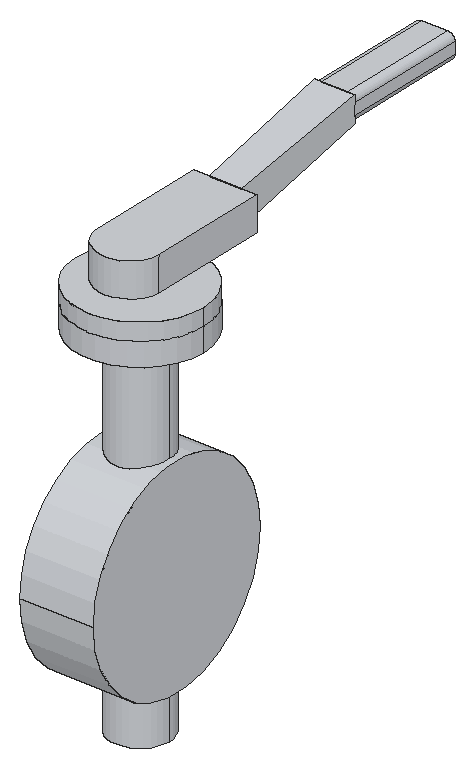
Revit family "HS497-68_disk-nerez_s pákou DN100-RFA_2019", category Pipe Accessories, Revit 2019
Family settings
  Round Connector Dimension = Use Diameter
  Part Type = Valve - Breaks Into
  Work Plane-Based = No
  Always vertical = Yes
  Cut with Voids When Loaded = No
  Shared = No
Parameters (values of type "HS 497-68_DN100_PN16_s pákou")
  magiProductId = "28172f0b3f4b47b28323ac71cf8749"
  magiProductFamilyId = "53cea81e6f374d17b8841d9c72ad77"
  magiPartTypeId = 305
  isMeasuringValve [instance] = no
  ang2D [instance] = 0.00°
  X11 = 61.456 mm
  X1 = 25.456 mm
  W2D = 1000 mm
  VersionID = "2.0/2017.9.26.1/ZETKAMA_497_001"
  Use Minimum Symbol Size [instance] = yes
  URL = "http://www.hydronic.cz"
  Type Comments = "mezipřírubová; nerezový disk; PN16; -10~+110°C (krátkodobě +120°C)"
  SW30 = no
  SW3 = no
  SW21 = no
  SW20 = yes
  SW2 = yes
  SW1 = no
  R = 50 mm
  QmdConnectorList = "301;D;302;D"
  Productdata [instance] = ""
  NC = 50 mm
  Manufacturer = "Hydronic Systems Prague s.r.o."
  MM20 = 25.456 mm
  MC Product Code = "121 100 (nerezový disk, s pákou; DN100; PN16, kvs512)"
  M41 = 66 mm
  M4 = 44 mm
  LHL = 260 mm
  LHH3 = 3 mm
  LHH1 = 57 mm
  LH1 = 86.667 mm
  L4R__ve = -L4R  # -12.8 mm
  L4R = 12.8 mm
  L42__ve = -L42  # -96 mm
  L42 = 96 mm
  L41__ve = -L41  # -19.2 mm
  L41 = 19.2 mm
  L2D_Min = 3048 mm
  L2D = 216 mm
  L2 = 26 mm
  L1 = 41.6 mm
  L = 52 mm
  H = 30 mm
  G22 = 11.25 mm
  G2 = 22.5 mm
  G1 = 90 mm
  G = 90 mm
  F = 11 mm
  E44 = 31.25 mm
  E42 = 62.5 mm
  E4 = 125 mm
  E23 = 6 mm
  E22 = 24 mm
  E21 = 12 mm
  Description = "Mezipřírubová uzavírací klapka s pákou; nerezový disk, DN100; PN16; kvs512"
  DR2 = 50 mm
  DR = 147 mm
  DD1 = 15.625 mm
  DD = 12.5 mm
  D = 100 mm
  CAT0 = yes
  B2__ve = -B2  # -56 mm
  B2 = 56 mm
  A2 = 16.5 mm
  A1 = 98.5 mm
Types (43, lengths in mm): name | magiProductId | X11 | X1 | Type Comments | SW30 | SW3 | SW20 | SW2 | SW1 | R | NC | Manufacturer | MM20 | MC Product Code | M41 | M4 | LHL | LHH3 | LHH1 | LH1 | L4R__ve | L4R | L42__ve | L42 | L41__ve | L41 | L2 | L1 | L | H | G | F | E44 | E42 | E4 | E23 | E22 | E21 | Description | DR2 | DR | DD1 | DD | D | B2__ve | B2 | A2 | A1
  HS 497-68_DN100_PN16_volné vřeteno | "65d1b245f4f142c78569c0602d5754" | 61.456 | 25.456 | "mezipřírubová; nerezový disk; PN16; -10~+110°C (krátkodobě +120°C)" | no | no | no | no | yes | 50 | 50 | "Hydronic Systems Prague s.r.o." | 25.456 | "124 100 (nerezový disk, s volným vřetenem; DN100; PN16, kvs512)" | 66 | 44 | 220 | 2.45 | 46.55 | 73.333 | -12.8 | 12.8 | -96 | 96 | -19.2 | 19.2 | 26 | 41.6 | 52 | 30 | 90 | 11 | 31.25 | 62.5 | 125 | 4.9 | 19.6 | 9.8 | "Mezipřírubová uzavírací klapka s volným vřetenem; nerezový disk, DN100; PN16; kvs512" | 50 | 147 | 15.625 | 12.5 | 100 | -56 | 56 | 16.5 | 98.5
  HS 497-68_DN100_PN16_převodové kolo | "11e91b807e674d428c8e796fcdcfe2" | 61.456 | 25.456 | "mezipřírubová; nerezový disk; PN16; -10~+110°C (krátkodobě +120°C)" | yes | yes | no | no | no | 50 | 50 | "Hydronic Systems Prague s.r.o." | 25.456 | "126 100 (nerezový disk, s převodovým kolem; DN100; PN16, kvs512)" | 65.25 | 43.5 | 220 | 2.45 | 46.55 | 73.333 | -12.8 | 12.8 | -96 | 96 | -19.2 | 19.2 | 26 | 41.6 | 52 | 30 | 90 | 11 | 31.25 | 62.5 | 125 | 4.9 | 19.6 | 9.8 | "Mezipřírubová uzavírací klapka s převodovým kolem; nerezový disk, DN100; PN16; kvs512" | 50 | 147 | 15.625 | 12.5 | 100 | -56 | 56 | 16.5 | 98.5
  HS 497-68_DN100_PN16_s pákou | "28172f0b3f4b47b28323ac71cf8749" | 61.456 | 25.456 | "mezipřírubová; nerezový disk; PN16; -10~+110°C (krátkodobě +120°C)" | no | no | yes | yes | no | 50 | 50 | "Hydronic Systems Prague s.r.o." | 25.456 | "121 100 (nerezový disk, s pákou; DN100; PN16, kvs512)" | 66 | 44 | 260 | 3 | 57 | 86.667 | -12.8 | 12.8 | -96 | 96 | -19.2 | 19.2 | 26 | 41.6 | 52 | 30 | 90 | 11 | 31.25 | 62.5 | 125 | 6 | 24 | 12 | "Mezipřírubová uzavírací klapka s pákou; nerezový disk, DN100; PN16; kvs512" | 50 | 147 | 15.625 | 12.5 | 100 | -56 | 56 | 16.5 | 98.5
  HS 497-68_DN125_PN16_volné vřeteno | "0d813d910fc14f628bb3c2efbd185c" | 61.456 | 25.456 | "mezipřírubová; nerezový disk; PN16; -10~+110°C (krátkodobě +120°C)" | no | no | no | no | yes | 62.5 | 50 | "Hydronic Systems Prague s.r.o." | 25.456 | "124 125 (nerezový disk, s volným vřetenem; DN125; PN16, kvs872)" | 66 | 44 | 220 | 2.45 | 46.55 | 73.333 | -12.8 | 12.8 | -96 | 96 | -19.2 | 19.2 | 28 | 44.8 | 56 | 33 | 90 | 14 | 31.25 | 62.5 | 125 | 4.9 | 19.6 | 9.8 | "Mezipřírubová uzavírací klapka s volným vřetenem; nerezový disk, DN125; PN16; kvs872" | 62.5 | 180 | 15.625 | 12.5 | 125 | -64 | 64 | 18 | 99.5
  HS 497-68_DN125_PN16_převodové kolo | "c56b7c13f372467684996fb1e0e229" | 61.456 | 25.456 | "mezipřírubová; nerezový disk; PN16; -10~+110°C (krátkodobě +120°C)" | yes | yes | no | no | no | 62.5 | 50 | "Hydronic Systems Prague s.r.o." | 25.456 | "126125 (nerezový disk, s převodovým kolem; DN125; PN16, kvs872)" | 65.25 | 43.5 | 220 | 2.45 | 46.55 | 73.333 | -13.5 | 13.5 | -101.25 | 101.25 | -20.25 | 20.25 | 28 | 44.8 | 56 | 33 | 90 | 14 | 40 | 80 | 160 | 4.9 | 19.6 | 9.8 | "Mezipřírubová uzavírací klapka s převodovým kolem; nerezový disk, DN125; PN16; kvs872" | 62.5 | 180 | 20 | 16 | 125 | -64 | 64 | 18 | 99.5
  HS 497-68_DN125_PN16_s pákou | "105993c79a91492399feef7931321a" | 61.456 | 25.456 | "mezipřírubová; nerezový disk; PN16; -10~+110°C (krátkodobě +120°C)" | no | no | yes | yes | no | 62.5 | 50 | "Hydronic Systems Prague s.r.o." | 25.456 | "121 125 (nerezový disk, s pákou; DN125; PN16, kvs872)" | 66 | 44 | 315 | 3.75 | 71.25 | 105 | -12.8 | 12.8 | -96 | 96 | -19.2 | 19.2 | 28 | 44.8 | 56 | 33 | 90 | 14 | 31.25 | 62.5 | 125 | 7.5 | 30 | 15 | "Mezipřírubová uzavírací klapka s pákou; nerezový disk, DN125; PN16; kvs872" | 62.5 | 180 | 15.625 | 12.5 | 125 | -64 | 64 | 18 | 99.5
  HS 497-68_DN150_PN16_volné vřeteno | "50c80cb8ab434f55ab7796e5ac1331" | 61.456 | 25.456 | "mezipřírubová; nerezový disk; PN16; -10~+110°C (krátkodobě +120°C)" | no | no | no | no | yes | 75 | 50 | "Hydronic Systems Prague s.r.o." | 25.456 | "124 150 (nerezový disk, s volným vřetenem; DN150; PN16, kvs1347)" | 66 | 44 | 220 | 2.45 | 46.55 | 73.333 | -12.8 | 12.8 | -96 | 96 | -19.2 | 19.2 | 28 | 44.8 | 56 | 33 | 90 | 14 | 31.25 | 62.5 | 125 | 4.9 | 19.6 | 9.8 | "Mezipřírubová uzavírací klapka s volným vřetenem; nerezový disk, DN150; PN16; kvs1347" | 75 | 206 | 15.625 | 12.5 | 150 | -58 | 58 | 19.3 | 98.7
  HS 497-68_DN150_PN16_převodové kolo | "d94a1a0cf83b476eb10011b327f709" | 61.456 | 25.456 | "mezipřírubová; nerezový disk; PN16; -10~+110°C (krátkodobě +120°C)" | yes | yes | no | no | no | 75 | 50 | "Hydronic Systems Prague s.r.o." | 25.456 | "126 150 (nerezový disk, s převodovým kolem; DN150; PN16, kvs1347)" | 65.25 | 43.5 | 220 | 2.45 | 46.55 | 73.333 | -13.5 | 13.5 | -101.25 | 101.25 | -20.25 | 20.25 | 28 | 44.8 | 56 | 33 | 90 | 14 | 40 | 80 | 160 | 4.9 | 19.6 | 9.8 | "Mezipřírubová uzavírací klapka s převodovým kolem; nerezový disk, DN150; PN16; kvs1347" | 75 | 206 | 20 | 16 | 150 | -58 | 58 | 19.3 | 98.7
  HS 497-68_DN150_PN16_s pákou | "4d2835523fe84828bc50ff0a5a0dfb" | 61.456 | 25.456 | "mezipřírubová; nerezový disk; PN16; -10~+110°C (krátkodobě +120°C)" | no | no | yes | yes | no | 75 | 50 | "Hydronic Systems Prague s.r.o." | 25.456 | "121 150 (nerezový disk, s pákou; DN150; PN16, kvs1347)" | 66 | 44 | 315 | 3.75 | 71.25 | 105 | -12.8 | 12.8 | -96 | 96 | -19.2 | 19.2 | 28 | 44.8 | 56 | 33 | 90 | 14 | 31.25 | 62.5 | 125 | 7.5 | 30 | 15 | "Mezipřírubová uzavírací klapka s pákou; nerezový disk, DN150; PN16; kvs1347" | 75 | 206 | 15.625 | 12.5 | 150 | -58 | 58 | 19.3 | 98.7
  HS 497-68_DN200_PN16_volné vřeteno | "5b29029eaeba47139ee1055a4b9201" | 61.456 | 25.456 | "mezipřírubová; nerezový disk; PN16; -10~+110°C (krátkodobě +120°C)" | no | no | no | no | yes | 100 | 50 | "Hydronic Systems Prague s.r.o." | 25.456 | "124 200 (nerezový disk, s volným vřetenem; DN200; PN16, kvs2675)" | 66 | 44 | 220 | 2.45 | 46.55 | 73.333 | -12.8 | 12.8 | -96 | 96 | -19.2 | 19.2 | 30 | 48 | 60 | 33 | 90 | 17 | 31.25 | 62.5 | 125 | 4.9 | 19.6 | 9.8 | "Mezipřírubová uzavírací klapka s volným vřetenem; nerezový disk, DN200; PN16; kvs2675" | 100 | 257 | 15.625 | 12.5 | 200 | -70 | 70 | 22.5 | 102.5
  HS 497-68_DN200_PN16_převodové kolo | "b2793cc1fcc44cf2a35062cd67c04f" | 61.456 | 25.456 | "mezipřírubová; nerezový disk; PN16; -10~+110°C (krátkodobě +120°C)" | yes | yes | no | no | no | 100 | 57 | "Hydronic Systems Prague s.r.o." | 25.456 | "126 200 (nerezový disk, s převodovým kolem; DN200; PN16, kvs2675)" | 78.75 | 52.5 | 220 | 2.45 | 46.55 | 73.333 | -15.2 | 15.2 | -114 | 114 | -22.8 | 22.8 | 30 | 48 | 60 | 33 | 90 | 17 | 50 | 100 | 200 | 4.9 | 19.6 | 9.8 | "Mezipřírubová uzavírací klapka s převodovým kolem; nerezový disk, DN200; PN16; kvs2675" | 100 | 257 | 25 | 20 | 200 | -70 | 70 | 22.5 | 102.5
  HS 497-68_DN200_PN16_s pákou | "f88d96c7af224537a51e72d7d8fffe" | 61.456 | 25.456 | "mezipřírubová; nerezový disk; PN16; -10~+110°C (krátkodobě +120°C)" | no | no | yes | yes | no | 100 | 50 | "Hydronic Systems Prague s.r.o." | 25.456 | "121 200 (nerezový disk, s pákou; DN200; PN16, kvs2675)" | 66 | 44 | 315 | 3.75 | 71.25 | 105 | -12.8 | 12.8 | -96 | 96 | -19.2 | 19.2 | 30 | 48 | 60 | 33 | 90 | 17 | 31.25 | 62.5 | 125 | 7.5 | 30 | 15 | "Mezipřírubová uzavírací klapka s pákou; nerezový disk, DN200; PN16; kvs2675" | 100 | 257 | 15.625 | 12.5 | 200 | -70 | 70 | 22.5 | 102.5
  HS 497-68_DN250_PN16_volné vřeteno | "b662e8305ca2402b9c510e66e6aa55" | 88.77 | 36.77 | "mezipřírubová; nerezový disk; PN16; -10~+110°C (krátkodobě +120°C)" | no | no | no | no | yes | 125 | 50 | "Hydronic Systems Prague s.r.o." | 36.77 | "124 250 (nerezový disk, s volným vřetenem; DN250; PN16, kvs4555)" | 66 | 44 | 220 | 2.45 | 46.55 | 73.333 | -12.8 | 12.8 | -96 | 96 | -19.2 | 19.2 | 34 | 54.4 | 68 | 23 | 130 | 22 | 31.25 | 62.5 | 125 | 4.9 | 19.6 | 9.8 | "Mezipřírubová uzavírací klapka s volným vřetenem; nerezový disk, DN250; PN16; kvs4555" | 125 | 324 | 15.625 | 12.5 | 250 | -85 | 85 | 28.25 | 129.25
  HS 497-68_DN250_PN16_převodové kolo | "5ee9016806664ddfaa2632711f295c" | 88.77 | 36.77 | "mezipřírubová; nerezový disk; PN16; -10~+110°C (krátkodobě +120°C)" | yes | yes | no | no | no | 125 | 70 | "Hydronic Systems Prague s.r.o." | 36.77 | "126 250 (nerezový disk, s převodovým kolem; DN250; PN16, kvs4555)" | 91.5 | 61 | 220 | 2.45 | 46.55 | 73.333 | -22.2 | 22.2 | -166.5 | 166.5 | -33.3 | 33.3 | 34 | 54.4 | 68 | 23 | 130 | 22 | 62.5 | 125 | 250 | 4.9 | 19.6 | 9.8 | "Mezipřírubová uzavírací klapka s převodovým kolem; nerezový disk, DN250; PN16; kvs4555" | 125 | 324 | 31.25 | 25 | 250 | -85 | 85 | 28.25 | 129.25
  HS 497-68_DN300_PN16_volné vřeteno | "e1886f51ff004380a649519258edf2" | 88.77 | 36.77 | "mezipřírubová; nerezový disk; PN16; -10~+110°C (krátkodobě +120°C)" | no | no | no | no | yes | 150 | 50 | "Hydronic Systems Prague s.r.o." | 36.77 | "124 300 (nerezový disk, s volným vřetenem; DN300; PN16, kvs7037)" | 66 | 44 | 220 | 2.45 | 46.55 | 73.333 | -12.8 | 12.8 | -96 | 96 | -19.2 | 19.2 | 39 | 62.4 | 78 | 23 | 130 | 22 | 31.25 | 62.5 | 125 | 4.9 | 19.6 | 9.8 | "Mezipřírubová uzavírací klapka s volným vřetenem; nerezový disk, DN300; PN16; kvs7037" | 150 | 376 | 15.625 | 12.5 | 300 | -90 | 90 | 30.8 | 127.2
  HS 497-68_DN300_PN16_převodové kolo | "6860f094f77d42088fbebc3c97f755" | 88.77 | 36.77 | "mezipřírubová; nerezový disk; PN16; -10~+110°C (krátkodobě +120°C)" | yes | yes | no | no | no | 150 | 70 | "Hydronic Systems Prague s.r.o." | 36.77 | "126 300 (nerezový disk, s převodovým kolem; DN300; PN16, kvs7037)" | 91.5 | 61 | 220 | 2.45 | 46.55 | 73.333 | -22.2 | 22.2 | -166.5 | 166.5 | -33.3 | 33.3 | 39 | 62.4 | 78 | 23 | 130 | 22 | 62.5 | 125 | 250 | 4.9 | 19.6 | 9.8 | "Mezipřírubová uzavírací klapka s převodovým kolem; nerezový disk, DN300; PN16; kvs7037" | 150 | 376 | 31.25 | 25 | 300 | -90 | 90 | 30.8 | 127.2
  HS 497-68_DN032_PN16_volné vřeteno | "8c5f65de52aa4067a77564107e31b2" | 61.456 | 25.456 | "mezipřírubová; nerezový disk; PN16; -10~+110°C (krátkodobě +120°C)" | no | no | no | no | yes | 16 | 50 | "Hydronic Systems Prague s.r.o." | 25.456 | "124 032 (nerezový disk, s volným vřetenem; DN32; PN16, kvs78)" | 66 | 44 | 220 | 2.45 | 46.55 | 73.333 | -12.8 | 12.8 | -96 | 96 | -19.2 | 19.2 | 16.5 | 26.4 | 33 | 30 | 90 | 11 | 31.25 | 62.5 | 125 | 4.9 | 19.6 | 9.8 | "Mezipřírubová uzavírací klapka s volným vřetenem; nerezový disk, DN32; PN16; kvs78" | 16 | 68 | 15.625 | 12.5 | 32 | -44.2 | 44.2 | 10.25 | 76.25
  HS 497-68_DN032_PN16_převodové kolo | "60aaeffa8b3a4e809ef000e4660060" | 61.456 | 25.456 | "mezipřírubová; nerezový disk; PN16; -10~+110°C (krátkodobě +120°C)" | yes | yes | no | no | no | 16 | 50 | "Hydronic Systems Prague s.r.o." | 25.456 | "126 032 (nerezový disk, s převodovým kolem; DN32; PN16, kvs78)" | 65.25 | 43.5 | 220 | 2.45 | 46.55 | 73.333 | -12.8 | 12.8 | -96 | 96 | -19.2 | 19.2 | 16.5 | 26.4 | 33 | 30 | 90 | 11 | 31.25 | 62.5 | 125 | 4.9 | 19.6 | 9.8 | "Mezipřírubová uzavírací klapka s převodovým kolem; nerezový disk, DN32; PN16; kvs78" | 16 | 68 | 15.625 | 12.5 | 32 | -44.2 | 44.2 | 10.25 | 76.25
  HS 497-68_DN032_PN16_s pákou | "9ad8088d610749a1b871aa2aad8007" | 61.456 | 25.456 | "mezipřírubová; nerezový disk; PN16; -10~+110°C (krátkodobě +120°C)" | no | no | yes | yes | no | 16 | 50 | "Hydronic Systems Prague s.r.o." | 25.456 | "121 032 (nerezový disk, s pákou; DN32; PN16, kvs78)" | 66 | 44 | 220 | 2.45 | 46.55 | 73.333 | -12.8 | 12.8 | -96 | 96 | -19.2 | 19.2 | 16.5 | 26.4 | 33 | 30 | 90 | 11 | 31.25 | 62.5 | 125 | 4.9 | 19.6 | 9.8 | "Mezipřírubová uzavírací klapka s pákou; nerezový disk, DN32; PN16; kvs78" | 16 | 68 | 15.625 | 12.5 | 32 | -44.2 | 44.2 | 10.25 | 76.25
  HS 497-68_DN350_PN10_volné vřeteno | "72a1e05f22944421b7e9596a877137" | 109.255 | 45.255 | "mezipřírubová; nerezový disk; PN10; -10~+110°C (krátkodobě +120°C)" | no | no | no | no | yes | 175 | 50 | "Hydronic Systems Prague s.r.o." | 45.255 | "124 350 (nerezový disk, s volným vřetenem; DN350; PN10, kvs10165)" | 66 | 44 | 220 | 2.45 | 46.55 | 73.333 | -12.8 | 12.8 | -96 | 96 | -19.2 | 19.2 | 39 | 62.4 | 78 | 31 | 160 | 22 | 31.25 | 62.5 | 125 | 4.9 | 19.6 | 9.8 | "Mezipřírubová uzavírací klapka s volným vřetenem; nerezový disk, DN350; PN10; kvs10165" | 175 | 430 | 15.625 | 12.5 | 350 | -88 | 88 | 33.85 | 129.65
  HS 497-68_DN350_PN10_převodové kolo | "a5a01426cb28494ba3afca92f1dace" | 109.255 | 45.255 | "mezipřírubová; nerezový disk; PN10; -10~+110°C (krátkodobě +120°C)" | yes | yes | no | no | no | 175 | 70 | "Hydronic Systems Prague s.r.o." | 45.255 | "126 350 (nerezový disk, s převodovým kolem; DN350; PN10, kvs10165)" | 91.5 | 61 | 220 | 2.45 | 46.55 | 73.333 | -22.2 | 22.2 | -166.5 | 166.5 | -33.3 | 33.3 | 39 | 62.4 | 78 | 31 | 160 | 22 | 62.5 | 125 | 250 | 4.9 | 19.6 | 9.8 | "Mezipřírubová uzavírací klapka s převodovým kolem; nerezový disk, DN350; PN10; kvs10165" | 175 | 430 | 31.25 | 25 | 350 | -88 | 88 | 33.85 | 129.65
  HS 497-68_DN400_PN10_volné vřeteno | "c70ebeb927c04ab99b176e257ad0a7" | 109.255 | 45.255 | "mezipřírubová; nerezový disk; PN10; -10~+110°C (krátkodobě +120°C)" | no | no | no | no | yes | 200 | 50 | "Hydronic Systems Prague s.r.o." | 45.255 | "124 400 (nerezový disk, s volným vřetenem; DN400; PN10, kvs13799)" | 66 | 44 | 220 | 2.45 | 46.55 | 73.333 | -12.8 | 12.8 | -96 | 96 | -19.2 | 19.2 | 51 | 81.6 | 102 | 31 | 160 | 27 | 31.25 | 62.5 | 125 | 4.9 | 19.6 | 9.8 | "Mezipřírubová uzavírací klapka s volným vřetenem; nerezový disk, DN400; PN10; kvs13799" | 200 | 485 | 15.625 | 12.5 | 400 | -108 | 108 | 38 | 142
  HS 497-68_DN400_PN10_převodové kolo | "cc64a4384dcb41b780d81810f4f293" | 109.255 | 45.255 | "mezipřírubová; nerezový disk; PN10; -10~+110°C (krátkodobě +120°C)" | yes | yes | no | no | no | 200 | 72.5 | "Hydronic Systems Prague s.r.o." | 45.255 | "126 400 (nerezový disk, s převodovým kolem; DN400; PN10, kvs13799)" | 103.5 | 69 | 220 | 2.45 | 46.55 | 73.333 | -27.8 | 27.8 | -208.5 | 208.5 | -41.7 | 41.7 | 51 | 81.6 | 102 | 31 | 160 | 27 | 75 | 150 | 300 | 4.9 | 19.6 | 9.8 | "Mezipřírubová uzavírací klapka s převodovým kolem; nerezový disk, DN400; PN10; kvs13799" | 200 | 485 | 37.5 | 30 | 400 | -108 | 108 | 38 | 142
  HS 497-68_DN040_PN16_volné vřeteno | "35f92312390745e88df5b5c325d9ee" | 61.456 | 25.456 | "mezipřírubová; nerezový disk; PN16; -10~+110°C (krátkodobě +120°C)" | no | no | no | no | yes | 20 | 50 | "Hydronic Systems Prague s.r.o." | 25.456 | "124 040 (nerezový disk, s volným vřetenem; DN40; PN16, kvs78)" | 66 | 44 | 220 | 2.45 | 46.55 | 73.333 | -12.8 | 12.8 | -96 | 96 | -19.2 | 19.2 | 16.5 | 26.4 | 33 | 30 | 90 | 11 | 31.25 | 62.5 | 125 | 4.9 | 19.6 | 9.8 | "Mezipřírubová uzavírací klapka s volným vřetenem; nerezový disk, DN40; PN16; kvs78" | 20 | 76 | 15.625 | 12.5 | 40 | -36 | 36 | 11 | 79
  HS 497-68_DN040_PN16_převodové kolo | "d88e968eae3445bc9b7b4e6ff35127" | 61.456 | 25.456 | "mezipřírubová; nerezový disk; PN16; -10~+110°C (krátkodobě +120°C)" | yes | yes | no | no | no | 20 | 50 | "Hydronic Systems Prague s.r.o." | 25.456 | "126 040 (nerezový disk, s převodovým kolem; DN40; PN16, kvs78)" | 65.25 | 43.5 | 220 | 2.45 | 46.55 | 73.333 | -12.8 | 12.8 | -96 | 96 | -19.2 | 19.2 | 16.5 | 26.4 | 33 | 30 | 90 | 11 | 31.25 | 62.5 | 125 | 4.9 | 19.6 | 9.8 | "Mezipřírubová uzavírací klapka s převodovým kolem; nerezový disk, DN40; PN16; kvs78" | 20 | 76 | 15.625 | 12.5 | 40 | -36 | 36 | 11 | 79
  HS 497-68_DN040_PN16_s pákou | "c1b522ca65b4407a98818f232eaacb" | 61.456 | 25.456 | "mezipřírubová; nerezový disk; PN16; -10~+110°C (krátkodobě +120°C)" | no | no | yes | yes | no | 20 | 50 | "Hydronic Systems Prague s.r.o." | 25.456 | "121 040 (nerezový disk, s pákou; DN40; PN16, kvs78)" | 66 | 44 | 220 | 2.45 | 46.55 | 73.333 | -12.8 | 12.8 | -96 | 96 | -19.2 | 19.2 | 16.5 | 26.4 | 33 | 30 | 90 | 11 | 31.25 | 62.5 | 125 | 4.9 | 19.6 | 9.8 | "Mezipřírubová uzavírací klapka s pákou; nerezový disk, DN40; PN16; kvs78" | 20 | 76 | 15.625 | 12.5 | 40 | -36 | 36 | 11 | 79
  HS 497-68_DN450_PN10_volné vřeteno | "a8358bc282f14872b3194e530e590a" | 129.74 | 53.74 | "mezipřírubová; nerezový disk; PN10; -10~+110°C (krátkodobě +120°C)" | no | no | no | no | yes | 225 | 50 | "Hydronic Systems Prague s.r.o." | 53.74 | "124 450 (nerezový disk, s volným vřetenem; DN450; PN10, kvs18514)" | 66 | 44 | 220 | 2.45 | 46.55 | 73.333 | -12.8 | 12.8 | -96 | 96 | -19.2 | 19.2 | 57 | 91.2 | 114 | 38 | 190 | 36 | 31.25 | 62.5 | 125 | 4.9 | 19.6 | 9.8 | "Mezipřírubová uzavírací klapka s volným vřetenem; nerezový, DN450; PN10; kvs18514" | 225 | 536 | 15.625 | 12.5 | 450 | -115 | 115 | 38.05 | 117.45
  HS 497-68_DN450_PN10_převodové kolo | "cdf2d80f54a9414f9cbe50647c0ebd" | 129.74 | 53.74 | "mezipřírubová; nerezový disk; PN10; -10~+110°C (krátkodobě +120°C)" | yes | yes | no | no | no | 225 | 91.5 | "Zetkama" | 53.74 | "126 450 (nerezový disk, s převodovým kolem; DN450; PN10, kvs18514)" | 144.75 | 96.5 | 220 | 2.45 | 46.55 | 73.333 | -32.1 | 32.1 | -240.75 | 240.75 | -48.15 | 48.15 | 57 | 91.2 | 114 | 38 | 190 | 36 | 100 | 200 | 400 | 4.9 | 19.6 | 9.8 | "Mezipřírubová uzavírací klapka s převodovým kolem; nerezový disk, DN450; PN10; kvs18514" | 225 | 536 | 50 | 40 | 450 | -115 | 115 | 38.05 | 117.45
  HS 497-68_DN500_PN10_volné vřeteno | "8c396e27bb2743f98f3c762b6517cd" | 143.397 | 59.397 | "mezipřírubová; nerezový disk; PN10; -10~+110°C (krátkodobě +120°C)" | no | no | no | no | yes | 250 | 50 | "Hydronic Systems Prague s.r.o." | 59.397 | "124 500 (nerezový disk, s volným vřetenem; DN500; PN10, kvs23805)" | 66 | 44 | 220 | 2.45 | 46.55 | 73.333 | -12.8 | 12.8 | -96 | 96 | -19.2 | 19.2 | 63.5 | 101.6 | 127 | 38 | 210 | 36 | 31.25 | 62.5 | 125 | 4.9 | 19.6 | 9.8 | "Mezipřírubová uzavírací klapka s volným vřetenem; nerezový disk, DN500; PN10; kvs23805" | 250 | 593 | 15.625 | 12.5 | 500 | -130 | 130 | 43.25 | 139.25
  HS 497-68_DN500_PN10_převodové kolo | "7647804f32e94cef828a7034a91a46" | 143.397 | 59.397 | "mezipřírubová; nerezový disk; PN10; -10~+110°C (krátkodobě +120°C)" | yes | yes | no | no | no | 250 | 91.5 | "Zetkama" | 59.397 | "126 500 (nerezový disk, s převodovým kolem; DN500; PN10, kvs23805)" | 144.75 | 96.5 | 220 | 2.45 | 46.55 | 73.333 | -32.1 | 32.1 | -240.75 | 240.75 | -48.15 | 48.15 | 63.5 | 101.6 | 127 | 38 | 210 | 36 | 100 | 200 | 400 | 4.9 | 19.6 | 9.8 | "Mezipřírubová uzavírací klapka s převodovým kolem; nerezový disk, DN500; PN10; kvs23805" | 250 | 593 | 50 | 40 | 500 | -130 | 130 | 43.25 | 139.25
  HS 497-68_DN050_volné vřeteno | "d71f296ecd6d4adf8f6e5d9853b4e0" | 61.456 | 25.456 | "mezipřírubová; nerezový disk; PN16; -10~+110°C (krátkodobě +120°C)" | no | no | no | no | yes | 25 | 50 | "Hydronic Systems Prague s.r.o." | 25.456 | "124 050 (nerezový disk, s volným vřetenem; DN50; PN16, kvs98)" | 66 | 44 | 220 | 2.45 | 46.55 | 73.333 | -12.8 | 12.8 | -96 | 96 | -19.2 | 19.2 | 21.5 | 34.4 | 43 | 30 | 90 | 11 | 31.25 | 62.5 | 125 | 4.9 | 19.6 | 9.8 | "Mezipřírubová uzavírací klapka s volným vřetenem; nerezový disk, DN50; PN16; kvs98" | 25 | 100 | 15.625 | 12.5 | 50 | -36.5 | 36.5 | 12 | 83
  HS 497-68_DN050_PN16_převodové kolo | "2fb080deeaed49c58418b94c1da5a4" | 61.456 | 25.456 | "mezipřírubová; nerezový disk; PN16; -10~+110°C (krátkodobě +120°C)" | yes | yes | no | no | no | 25 | 50 | "Hydronic Systems Prague s.r.o." | 25.456 | "126 050 (nerezový disk, s převodovým kolem; DN50; PN16, kvs98)" | 65.25 | 43.5 | 220 | 2.45 | 46.55 | 73.333 | -12.8 | 12.8 | -96 | 96 | -19.2 | 19.2 | 21.5 | 34.4 | 43 | 30 | 90 | 11 | 31.25 | 62.5 | 125 | 4.9 | 19.6 | 9.8 | "Mezipřírubová uzavírací klapka s převodovým kolem; nerezový disk, DN50; PN16; kvs98" | 25 | 100 | 15.625 | 12.5 | 50 | -36.5 | 36.5 | 12 | 83
  HS 497-68_DN050_PN16_s pákou | "dabc632061f94877a994b9b4e68112" | 61.456 | 25.456 | "mezipřírubová; nerezový disk; PN16; -10~+110°C (krátkodobě +120°C)" | no | no | yes | yes | no | 25 | 50 | "Hydronic Systems Prague s.r.o." | 25.456 | "121 050 (nerezový disk, s pákou; DN50; PN16, kvs98)" | 66 | 44 | 220 | 2.45 | 46.55 | 73.333 | -12.8 | 12.8 | -96 | 96 | -19.2 | 19.2 | 21.5 | 34.4 | 43 | 30 | 90 | 11 | 31.25 | 62.5 | 125 | 4.9 | 19.6 | 9.8 | "Mezipřírubová uzavírací klapka s pákou; nerezový disk, DN50; PN16; kvs98" | 25 | 100 | 15.625 | 12.5 | 50 | -36.5 | 36.5 | 12 | 83
  HS 497-68_DN600_PN10_volné vřeteno | "99d5892c14664fce81a7c5903f7711" | 143.397 | 59.397 | "mezipřírubová; nerezový disk; PN10; -10~+110°C (krátkodobě +120°C)" | no | no | no | no | yes | 300 | 50 | "Hydronic Systems Prague s.r.o." | 59.397 | "124 600 (nerezový disk, s volným vřetenem; DN600; PN10, kvs36778)" | 66 | 44 | 220 | 2.45 | 46.55 | 73.333 | -12.8 | 12.8 | -96 | 96 | -19.2 | 19.2 | 77 | 123.2 | 154 | 80 | 210 | 60 | 31.25 | 62.5 | 125 | 4.9 | 19.6 | 9.8 | "Mezipřírubová uzavírací klapka s volným vřetenem; nerezový disk, DN600; PN10; kvs36788" | 300 | 690 | 15.625 | 12.5 | 600 | -140 | 140 | 49.4 | 144.6
  HS 497-68_DN600_PN10_převodové kolo | "b1e26faab48a4c499f6bb11e7e3002" | 143.397 | 59.397 | "mezipřírubová; lnerezový disk; PN10; -10~+110°C (krátkodobě +120°C)" | yes | yes | no | no | no | 300 | 140 | "Hydronic Systems Prague s.r.o." | 59.397 | "126 600 (nerezový disk, s převodovým kolem; DN600; PN10, kvs36778)" | 206.25 | 137.5 | 220 | 2.45 | 46.55 | 73.333 | -40.8 | 40.8 | -306 | 306 | -61.2 | 61.2 | 77 | 123.2 | 154 | 80 | 210 | 60 | 125 | 250 | 500 | 4.9 | 19.6 | 9.8 | "Mezipřírubová uzavírací klapka s převodovým kolem; nerezový disk, DN600; PN10; kvs36788" | 300 | 690 | 62.5 | 50 | 600 | -140 | 140 | 49.4 | 144.6
  HS 497-68_DN065_PN16_volné vřeteno | "5e5e208646e34ec29f889baab5d08e" | 61.456 | 25.456 | "mezipřírubová; lnerezový disk; PN16; -10~+110°C (krátkodobě +120°C)" | no | no | no | no | yes | 32.5 | 50 | "Hydronic Systems Prague s.r.o." | 25.456 | "124 065 (nerezový disk, s volným vřetenem; DN65; PN16, kvs167)" | 66 | 44 | 220 | 2.45 | 46.55 | 73.333 | -12.8 | 12.8 | -96 | 96 | -19.2 | 19.2 | 23 | 36.8 | 46 | 30 | 90 | 11 | 31.25 | 62.5 | 125 | 4.9 | 19.6 | 9.8 | "Mezipřírubová uzavírací klapka s volným vřetenem; nerezový disk, DN65; PN16; kv167" | 32.5 | 108 | 15.625 | 12.5 | 65 | -36.5 | 36.5 | 13.5 | 89
  HS 497-68_DN065_PN16_převodové kolo | "654d74c8d15540b0bfe523d988ccb3" | 61.456 | 25.456 | "mezipřírubová; nerezový disk; PN16; -10~+110°C (krátkodobě +120°C)" | yes | yes | no | no | no | 32.5 | 50 | "Hydronic Systems Prague s.r.o." | 25.456 | "126 065 (nerezový disk, s převodovým kolem; DN65; PN16, kvs167)" | 65.25 | 43.5 | 220 | 2.45 | 46.55 | 73.333 | -12.8 | 12.8 | -96 | 96 | -19.2 | 19.2 | 23 | 36.8 | 46 | 30 | 90 | 11 | 31.25 | 62.5 | 125 | 4.9 | 19.6 | 9.8 | "Mezipřírubová uzavírací klapka s převodovým kolem; nerezový disk, DN65; PN16; kvs167" | 32.5 | 108 | 15.625 | 12.5 | 65 | -36.5 | 36.5 | 13.5 | 89
  HS 497-68_DN065_PN16_s pákou | "ebeb4b59db0641caaf6d6635ab37b9" | 61.456 | 25.456 | "mezipřírubová; nerezový disk; PN16; -10~+110°C (krátkodobě +120°C)" | no | no | yes | yes | no | 32.5 | 50 | "Hydronic Systems Prague s.r.o." | 25.456 | "121 065 (nerezový disk, s pákou; DN65; PN16, kvs167)" | 66 | 44 | 220 | 2.45 | 46.55 | 73.333 | -12.8 | 12.8 | -96 | 96 | -19.2 | 19.2 | 23 | 36.8 | 46 | 30 | 90 | 11 | 31.25 | 62.5 | 125 | 4.9 | 19.6 | 9.8 | "Mezipřírubová uzavírací klapka s pákou; nerezový disk, DN65; PN16; kvs167" | 32.5 | 108 | 15.625 | 12.5 | 65 | -36.5 | 36.5 | 13.5 | 89
  HS 497-68_DN080_PN16_volné vřeteno | "9e85c75c18654e1185a9c48ed6b00e" | 61.456 | 25.456 | "mezipřírubová; nerezový disk; PN16; -10~+110°C (krátkodobě +120°C)" | no | no | no | no | yes | 40 | 50 | "Hydronic Systems Prague s.r.o." | 25.456 | "124 080 (nerezový disk, s volným vřetenem; DN80; PN16, kvs258)" | 66 | 44 | 220 | 2.45 | 46.55 | 73.333 | -12.8 | 12.8 | -96 | 96 | -19.2 | 19.2 | 23 | 36.8 | 46 | 30 | 90 | 11 | 31.25 | 62.5 | 125 | 4.9 | 19.6 | 9.8 | "Mezipřírubová uzavírací klapka s volným vřetenem; nerezový disk, DN80; PN16; kvs258" | 40 | 124 | 15.625 | 12.5 | 80 | -54 | 54 | 14.1 | 86.9
  HS 497-68_DN080_PN16_převodové kolo | "5b3c8238c3d041e68c75b199e7ea46" | 61.456 | 25.456 | "mezipřírubová; nerezový disk; PN16; -10~+110°C (krátkodobě +120°C)" | yes | yes | no | no | no | 40 | 50 | "Hydronic Systems Prague s.r.o." | 25.456 | "126 080 (nerezový disk, s převodovým kolem; DN80; PN16, kvs258)" | 65.25 | 43.5 | 220 | 2.45 | 46.55 | 73.333 | -12.8 | 12.8 | -96 | 96 | -19.2 | 19.2 | 23 | 36.8 | 46 | 30 | 90 | 11 | 31.25 | 62.5 | 125 | 4.9 | 19.6 | 9.8 | "Mezipřírubová uzavírací klapka s převodovým kolem; nerezový disk, DN80; PN16; kvs258" | 40 | 124 | 15.625 | 12.5 | 80 | -54 | 54 | 14.1 | 86.9
  HS 497-68_DN080_PN16_s pákou | "e414795fab0f4eccb99bc3572c5477" | 61.456 | 25.456 | "mezipřírubová; nerezový disk; PN16; -10~+110°C (krátkodobě +120°C)" | no | no | yes | yes | no | 40 | 50 | "Hydronic Systems Prague s.r.o." | 25.456 | "121 080 (nerezový disk, s pákou; DN80; PN16, kvs258)" | 66 | 44 | 260 | 3 | 57 | 86.667 | -12.8 | 12.8 | -96 | 96 | -19.2 | 19.2 | 23 | 36.8 | 46 | 30 | 90 | 11 | 31.25 | 62.5 | 125 | 6 | 24 | 12 | "Mezipřírubová uzavírací klapka s pákou; nerezový disk, DN80; PN16; kvs258" | 40 | 124 | 15.625 | 12.5 | 80 | -54 | 54 | 14.1 | 86.9
  HS 497-68_DN250_PN16_s pákou | "" | 88.77 | 36.77 | "mezipřírubová; nerezový disk; PN16; -10~+110°C (krátkodobě +120°C)" | no | no | yes | yes | no | 125 | 70 | "Hydronic Systems Prague s.r.o." | 36.77 | "121 250 (nerezový disk, s ákou; DN250; PN16, kvs4555)" | 91.5 | 61 | 220 | 2.45 | 46.55 | 73.333 | -22.2 | 22.2 | -166.5 | 166.5 | -33.3 | 33.3 | 34 | 54.4 | 68 | 23 | 130 | 22 | 62.5 | 125 | 250 | 4.9 | 19.6 | 9.8 | "Mezipřírubová uzavírací klapka s pákou; nerezový disk, DN250; PN16; kvs4555" | 125 | 324 | 31.25 | 25 | 250 | -85 | 85 | 28.25 | 129.25
  HS 497-68_DN300_PN16_s pákou | "" | 88.77 | 36.77 | "mezipřírubová; nerezový disk; PN16; -10~+110°C (krátkodobě +120°C)" | no | no | yes | yes | no | 150 | 70 | "Hydronic Systems Prague s.r.o." | 36.77 | "121 300 (nerezový disk, s pákou; DN300; PN16, kvs7037)" | 91.5 | 61 | 220 | 2.45 | 46.55 | 73.333 | -22.2 | 22.2 | -166.5 | 166.5 | -33.3 | 33.3 | 39 | 62.4 | 78 | 23 | 130 | 22 | 62.5 | 125 | 250 | 4.9 | 19.6 | 9.8 | "Mezipřírubová uzavírací klapka s pákou; nerezový disk, DN300; PN16; kvs7037" | 150 | 376 | 31.25 | 25 | 300 | -90 | 90 | 30.8 | 127.2
Reference planes
  plane 1 "Center (Front/Back)": y = 0
  plane 2 "XYPLANE": z = 0
  plane 3 "Center (Left/Right)": x = 0
  plane 4 "473": x = -25.456
  plane 5 "472": x = -66
  plane 6 "471": y = -25.456
  plane 7 "470": y = 25.456
  plane 8 "469": x = -44
  plane 9 "468": y = -115.2
  plane 10 "467": y = -96
  plane 11 "466": z = 196.25
  plane 12 "465": z = 222
  plane 13 "464": y = 172.083
  plane 14 "463": z = 210
  plane 15 "462": z = 189
  plane 16 "461": z = 201
  plane 17 "460": y = 85.417
  plane 18 "459": x = -11.25
  plane 19 "458": x = 11.25
  plane 20 "457": y = -6.25
  plane 21 "456": x = -17.5
  plane 22 "455": x = 17.5
  plane 23 "454": z = 207
  plane 24 "453": y = 75.417
  plane 25 "452": y = -11.25
  plane 26 "451": x = -22.5
  plane 27 "450": x = 22.5
  plane 28 "449": z = 183
  plane 29 "448": z = 177
  plane 30 "447": z = -50
  plane 31 "446": z = 165
  plane 32 "445": z = 148.5
  plane 33 "444": z = 50
  plane 34 "443": x = 26
  plane 35 "442": x = -26
  plane 36 "441": z = 0
  plane 37 "440": y = 0
  plane 38 "439": x = 0
  plane 39 "438": z = 225
  plane 40 "437": z = 207
  plane 41 "436": x = 14.25
  plane 42 "435": x = -14.25
  plane 43 "434": y = 260
Forms (mm)
  Extrusion 1, solid, visible <- "SW3"
    sketch origin (-750, 0, 165) x (1, 0, 0) y (0, 1, 0)
      loop
        line (684, 25.456) -> (684, -25.456) -> (724.544, -25.456)
        arc (724.544, -25.456) -> (786, 0) -> (724.544, 25.456) r 36
        line (724.544, 25.456) -> (684, 25.456)
    from 0 to 62.5 <- "E42"
  Extrusion 2, solid, visible <- "SW30"
    sketch origin (0, -750, 0) x (0, 1, 0) y (0, 0, 1)
      loop
        circle (750, 196.25) r 7.813
    from 0 to 50 <- "NC"
  Extrusion 3, solid, visible <- "SW30"
    sketch origin (750, -115.2, 0) x (-1, 0, 0) y (0, 0, 1)
      loop
        circle (794, 196.25) r 62.5
    from 0 to -12.8 <- "L4R__ve"
  Extrusion 4, solid, visible <- "SW3"
    sketch origin (750, -96, 0) x (-1, 0, 0) y (0, 0, 1)
      loop
        circle (794, 196.25) r 7.813
    from 0 to -19.2 <- "L41__ve"
  Extrusion 5, solid, visible <- "SW30"
    sketch origin (750, 0, 0) x (-1, 0, 0) y (0, 0, 1)
      loop
        circle (794, 196.25) r 6.25
    from 0 to -96 <- "L42__ve"
  Blend 6, solid, visible <- "SW21"
    base sketch origin (750, 85.417, 0) x (-1, 0, 0) y (0, 0, 1)
      loop
        line (761.25, 201) -> (738.75, 201) -> (738.75, 189) -> (761.25, 189) -> (761.25, 201)
    top sketch origin (750, 85.417, 0) x (-1, 0, 0) y (0, 0, 1)
      loop
        line (761.25, 222) -> (738.75, 222) -> (738.75, 210) -> (761.25, 210) -> (761.25, 222)
    from 0 to 86.667
  Blend 7, solid, visible <- "SW21"
    base sketch origin (750, 75.417, 0) x (-1, 0, 0) y (0, 0, 1)
      loop
        line (761.25, 207) -> (738.75, 207) -> (738.75, 183) -> (761.25, 183) -> (761.25, 207)
    top sketch origin (750, 75.417, 0) x (-1, 0, 0) y (0, 0, 1)
      loop
        line (761.25, 201) -> (738.75, 201) -> (738.75, 189) -> (761.25, 189) -> (761.25, 201)
    from 0 to 10
  Blend 8, solid, visible <- "SW21"
    base sketch origin (-750, 0, 183) x (1, 0, 0) y (0, 1, 0)
      loop
        line (772.5, 75.417) -> (727.5, 75.417) -> (727.5, -11.25)
        arc (727.5, -11.25) -> (750, -31.25) -> (772.5, -11.25) r 22.656
        line (772.5, -11.25) -> (772.5, 75.417)
    top sketch origin (-750, 0, 183) x (1, 0, 0) y (0, 1, 0)
      loop
        line (767.5, 75.417) -> (732.5, 75.417) -> (732.5, -6.25)
        arc (732.5, -6.25) -> (750, -26.25) -> (767.5, -6.25) r 17.656
        line (767.5, -6.25) -> (767.5, 75.417)
    from 0 to 24
  Extrusion 9, solid, visible <- "SW2"
    sketch origin (-750, 0, 177) x (1, 0, 0) y (0, 1, 0)
      loop
        circle (750, 0) r 11.25
    from 0 to 6 <- "E23"
  Extrusion 10, solid, visible <- "SW2"
    sketch origin (-750, 0, 165) x (1, 0, 0) y (0, 1, 0)
      loop
        circle (750, 0) r 45
    from 0 to 12 <- "E21"
  Extrusion 11, solid, visible <- "CAT0"
    sketch origin (-750, 0, -50) x (1, 0, 0) y (0, 1, 0)
      loop
        circle (750, 0) r 20.8
    from 0 to -56 <- "B2__ve"
  Extrusion 12, solid, visible <- "CAT0"
    sketch origin (-750, 0, 148.5) x (1, 0, 0) y (0, 1, 0)
      loop
        circle (750, 0) r 45
    from 0 to 16.5 <- "A2"
  Extrusion 13, solid, visible <- "CAT0"
    sketch origin (-750, 0, 50) x (1, 0, 0) y (0, 1, 0)
      loop
        circle (750, 0) r 20.8
    from 0 to 98.5 <- "A1"
  Extrusion 14, solid, visible <- "CAT0"
    sketch origin (-26, -750, 0) x (0, 1, 0) y (0, 0, 1)
      loop
        circle (750, 0) r 73.5
    from 0 to 52 <- "L"
  Extrusion 15, solid, visible <- "SW1"
    sketch origin (-750, 0, 165) x (1, 0, 0) y (0, 1, 0)
      loop
        line (755.5, 5.5) -> (744.5, 5.5) -> (744.5, -5.5) -> (755.5, -5.5) -> (755.5, 5.5)
    from 0 to 30 <- "H"
  Blend 16, solid, visible <- "SW2"
    base sketch origin (750, 172.083, 0) x (-1, 0, 0) y (0, 0, 1)
      loop
        arc (764.25, 220) -> (762.786, 223.536) -> (759.25, 225) r 5
        line (759.25, 225) -> (740.75, 225)
        arc (740.75, 225) -> (737.214, 223.536) -> (735.75, 220) r 5
        line (735.75, 220) -> (735.75, 212)
        arc (735.75, 212) -> (737.214, 208.464) -> (740.75, 207) r 5
        line (740.75, 207) -> (759.25, 207)
        arc (759.25, 207) -> (762.786, 208.464) -> (764.25, 212) r 5
        line (764.25, 212) -> (764.25, 220)
    top sketch origin (750, 172.083, 0) x (-1, 0, 0) y (0, 0, 1)
      loop
        arc (764.25, 220) -> (762.786, 223.536) -> (759.25, 225) r 5
        line (759.25, 225) -> (740.75, 225)
        arc (740.75, 225) -> (737.214, 223.536) -> (735.75, 220) r 5
        line (735.75, 220) -> (735.75, 212)
        arc (735.75, 212) -> (737.214, 208.464) -> (740.75, 207) r 5
        line (740.75, 207) -> (759.25, 207)
        arc (759.25, 207) -> (762.786, 208.464) -> (764.25, 212) r 5
        line (764.25, 212) -> (764.25, 220)
    from 0 to 87.917
  Blend 17, solid, visible <- "SW20"
    base sketch origin (750, 172.083, 0) x (-1, 0, 0) y (0, 0, 1)
      loop
        line (764.25, 225) -> (735.75, 225) -> (735.75, 207) -> (764.25, 207) -> (764.25, 225)
    top sketch origin (750, 172.083, 0) x (-1, 0, 0) y (0, 0, 1)
      loop
        line (761.25, 207) -> (738.75, 207) -> (738.75, 183) -> (761.25, 183) -> (761.25, 207)
    from 0 to -96.667
  Extrusion 18, solid, visible <- "SW20"
    sketch origin (-750, 0, 183) x (1, 0, 0) y (0, 1, 0)
      loop
        line (772.5, 75.417) -> (727.5, 75.417) -> (727.5, -11.25)
        arc (727.5, -11.25) -> (750, -31.25) -> (772.5, -11.25) r 22.656
        line (772.5, -11.25) -> (772.5, 75.417)
    from 0 to 24 <- "E22"
  Extrusion 19, solid, not visible
    sketch origin (-26, -750, 0) x (0, 1, 0) y (0, 0, 1)
      loop
        circle (750, 0) r 10
    from 0 to 10
  Extrusion 20, solid, not visible
    sketch origin (26, -750, 0) x (0, 1, 0) y (0, 0, 1)
      loop
        circle (750, 0) r 10
    from 0 to -10
Lines and regions (mm)
  reference lines, not visible
    curve 1: circle (2, 2, 0) r 1 normal (0, 0, 1)
  reference lines
    curve 2: line (-25.456, -25.456, 165) -> (-25.456, 25.456, 165)
    curve 3: line (-17.5, -6.25, 183) -> (17.5, -6.25, 183)
    curve 4: line (-22.5, -11.25, 183) -> (22.5, -11.25, 183)
    curve 5: circle (0, 0, 165) r 1 normal (0, 0, 1)
    curve 6: line (-22.5, -11.25, 183) -> (22.5, -11.25, 183)
Dimensions and locks
  plane 1 "Center (Front/Back)" to curve 1 = 2 mm
  "X1": plane 3 "Center (Left/Right)" to plane 4 "473"
  "M41": plane 3 "Center (Left/Right)" to plane 5 "472"
  "MM20": plane 1 "Center (Front/Back)" to plane 6 "471"
  "MM20": plane 1 "Center (Front/Back)" to plane 7 "470"
  "M4": plane 3 "Center (Left/Right)" to plane 8 "469"
  "L41": plane 10 "467" to plane 9 "468"
  "L42": plane 1 "Center (Front/Back)" to plane 10 "467"
  "E44": plane 31 "446" to plane 11 "466"
  "LHH1": plane 31 "446" to plane 12 "465"
  "LH1": plane 17 "460" to plane 13 "464"
  "E21": plane 12 "465" to plane 14 "463"
  "E21": plane 16 "461" to plane 15 "462"
  "E23": plane 23 "454" to plane 16 "461"
  locked: plane 24 "453" to plane 17 "460" at 10
  "G22": plane 3 "Center (Left/Right)" to plane 18 "459"
  "G22": plane 3 "Center (Left/Right)" to plane 19 "458"
  locked: plane 25 "452" to plane 20 "457" at 5
  locked: plane 26 "451" to plane 21 "456" at 5
  locked: plane 27 "450" to plane 22 "455" at 5
  "E22": plane 28 "449" to plane 23 "454"
  "LH1": plane 25 "452" to plane 24 "453"
  "G22": plane 1 "Center (Front/Back)" to plane 25 "452"
  "G2": plane 3 "Center (Left/Right)" to plane 26 "451"
  "G2": plane 3 "Center (Left/Right)" to plane 27 "450"
  "E23": plane 29 "448" to plane 28 "449"
  "E21": plane 31 "446" to plane 29 "448"
  "R": plane 2 "XYPLANE" to plane 30 "447"
  "A2": plane 32 "445" to plane 31 "446"
  "A1": plane 33 "444" to plane 32 "445"
  "DR2": plane 2 "XYPLANE" to plane 33 "444"
  "L2": plane 3 "Center (Left/Right)" to plane 34 "443"
  "L2": plane 3 "Center (Left/Right)" to plane 35 "442"
  locked: plane 2 "XYPLANE" to plane 36 "441"
  locked: plane 1 "Center (Front/Back)" to plane 37 "440"
  locked: plane 3 "Center (Left/Right)" to plane 38 "439"
  "LHH3": plane 12 "465" to plane 39 "438"
  "LHH3": plane 14 "463" to plane 40 "437"
  "LHH3": plane 19 "458" to plane 41 "436"
  "LHH3": plane 18 "459" to plane 42 "435"
  "LHL": plane 1 "Center (Front/Back)" to plane 43 "434"
  "X11": curve 2 to Extrusion 1 sketch curve
  Extrusion 1 sketch curve to Extrusion 1 sketch curve = 0 mm  (x8)
  Blend 6 sketch curve to Blend 6 sketch curve = 0 mm  (x16)
  Blend 7 sketch curve to Blend 7 sketch curve = 0 mm  (x16)
  Blend 8 sketch curve to Blend 8 sketch curve = 0 mm  (x16)
  equal spacing: Extrusion 15 sketch curve, curve 5, Extrusion 15 sketch curve  (x2)
  "F": Extrusion 15 sketch curve to Extrusion 15 sketch curve  (x2)
  Blend 16 sketch curve to Blend 16 sketch curve = 0 mm  (x32)
  Blend 17 sketch curve to Blend 17 sketch curve = 0 mm  (x16)
  Extrusion 18 sketch curve to Extrusion 18 sketch curve = 0 mm  (x8)
  "DD1": diameter of Extrusion 2 sketch curve
  "E4": diameter of Extrusion 3 sketch curve
  "DD1": diameter of Extrusion 4 sketch curve
  "DD": diameter of Extrusion 5 sketch curve
  "G2": diameter of Extrusion 9 sketch curve
  "G1": diameter of Extrusion 10 sketch curve
  "L1": diameter of Extrusion 11 sketch curve
  "G": diameter of Extrusion 12 sketch curve
  "L1": diameter of Extrusion 13 sketch curve
  "DR": diameter of Extrusion 14 sketch curve
  radius of Blend 16 sketch curve = 5 mm  (x8)
  aligned and locked: level to plane 2 "XYPLANE"
  aligned and locked: Extrusion 1 sketch curve to plane 5 "472"
  aligned and locked: plane 7 "470" to Extrusion 1 sketch curve
  aligned and locked: plane 6 "471" to Extrusion 1 sketch curve
  aligned and locked: plane 5 "472" to Extrusion 1 sketch curve
  aligned and locked: plane 4 "473" to Extrusion 1 sketch curve  (x2)
  aligned and locked: plane 4 "473" to curve 2
  aligned and locked: plane 6 "471" to curve 2
  aligned and locked: plane 7 "470" to curve 2
  aligned and locked: Extrusion 1 sketch curve to plane 7 "470"
  aligned and locked: plane 11 "466" to Extrusion 2 sketch curve
  aligned and locked: plane 37 "440" to Extrusion 2 sketch curve
  aligned and locked: plane 8 "469" to Extrusion 3 sketch curve
  aligned and locked: plane 11 "466" to Extrusion 3 sketch curve
  aligned and locked: plane 8 "469" to Extrusion 4 sketch curve
  aligned and locked: plane 11 "466" to Extrusion 4 sketch curve
  aligned and locked: plane 8 "469" to Extrusion 5 sketch curve
  aligned and locked: plane 11 "466" to Extrusion 5 sketch curve
  aligned and locked: plane 12 "465" to Blend 6 sketch curve  (x2)
  aligned and locked: plane 18 "459" to Blend 6 sketch curve  (x4)
  aligned and locked: plane 19 "458" to Blend 6 sketch curve  (x4)
  aligned and locked: plane 14 "463" to Blend 6 sketch curve  (x2)
  aligned and locked: plane 16 "461" to Blend 6 sketch curve  (x2)
  aligned and locked: plane 15 "462" to Blend 6 sketch curve  (x2)
  aligned and locked: plane 13 "464" to Blend 6
  aligned and locked: plane 16 "461" to Blend 7 sketch curve  (x2)
  aligned and locked: plane 18 "459" to Blend 7 sketch curve  (x4)
  aligned and locked: plane 19 "458" to Blend 7 sketch curve  (x4)
  aligned and locked: plane 15 "462" to Blend 7 sketch curve  (x2)
  aligned and locked: plane 23 "454" to Blend 7 sketch curve  (x2)
  aligned and locked: plane 28 "449" to Blend 7 sketch curve  (x2)
  aligned and locked: plane 17 "460" to Blend 7
  aligned and locked: plane 24 "453" to Blend 8 sketch curve  (x4)
  aligned and locked: plane 22 "455" to Blend 8 sketch curve  (x2)
  aligned and locked: plane 21 "456" to Blend 8 sketch curve
  aligned and locked: plane 20 "457" to Blend 8 sketch curve  (x2)
  aligned and locked: curve 3 to plane 20 "457"
  aligned and locked: plane 21 "456" to curve 3
  aligned and locked: plane 22 "455" to curve 3
  aligned and locked: plane 27 "450" to Blend 8 sketch curve  (x2)
  aligned and locked: plane 26 "451" to Blend 8 sketch curve
  aligned and locked: plane 25 "452" to Blend 8 sketch curve  (x2)
  aligned and locked: curve 4 to plane 25 "452"
  aligned and locked: plane 26 "451" to curve 4
  aligned and locked: plane 27 "450" to curve 4
  aligned and locked: plane 23 "454" to Blend 8
  aligned and locked: plane 37 "440" to Extrusion 9 sketch curve
  aligned and locked: plane 38 "439" to Extrusion 9 sketch curve
  aligned and locked: plane 37 "440" to Extrusion 10 sketch curve
  aligned and locked: plane 38 "439" to Extrusion 10 sketch curve
  aligned and locked: plane 37 "440" to Extrusion 11 sketch curve
  aligned and locked: plane 38 "439" to Extrusion 11 sketch curve
  aligned and locked: plane 37 "440" to Extrusion 12 sketch curve
  aligned and locked: plane 38 "439" to Extrusion 12 sketch curve
  aligned and locked: plane 37 "440" to Extrusion 13 sketch curve
  aligned and locked: plane 38 "439" to Extrusion 13 sketch curve
  aligned and locked: plane 36 "441" to Extrusion 14 sketch curve
  aligned and locked: Extrusion 14 sketch curve to plane 37 "440"
  aligned and locked: plane 37 "440" to curve 5
  aligned and locked: plane 38 "439" to curve 5
  aligned and locked: plane 39 "438" to Blend 16 sketch curve  (x2)
  aligned and locked: plane 41 "436" to Blend 16 sketch curve  (x2)
  aligned and locked: Blend 16 sketch curve to plane 40 "437"  (x2)
  aligned and locked: Blend 16 sketch curve to plane 42 "435"  (x2)
  aligned and locked: plane 43 "434" to Blend 16
  aligned and locked: plane 23 "454" to Blend 17 sketch curve  (x2)
  aligned and locked: plane 18 "459" to Blend 17 sketch curve  (x2)
  aligned and locked: plane 19 "458" to Blend 17 sketch curve  (x2)
  aligned and locked: plane 28 "449" to Blend 17 sketch curve  (x2)
  aligned and locked: plane 39 "438" to Blend 17 sketch curve  (x2)
  aligned and locked: plane 42 "435" to Blend 17 sketch curve  (x2)
  aligned and locked: plane 41 "436" to Blend 17 sketch curve  (x2)
  aligned and locked: plane 40 "437" to Blend 17 sketch curve  (x2)
  aligned and locked: Blend 17 to plane 24 "453"
  aligned and locked: plane 24 "453" to Extrusion 18 sketch curve  (x2)
  aligned and locked: plane 27 "450" to Extrusion 18 sketch curve  (x2)
  aligned and locked: plane 26 "451" to Extrusion 18 sketch curve
  aligned and locked: plane 25 "452" to Extrusion 18 sketch curve  (x2)
  aligned and locked: curve 6 to plane 25 "452"
  aligned and locked: plane 26 "451" to curve 6
  aligned and locked: plane 27 "450" to curve 6
  aligned and locked: plane 36 "441" to Extrusion 19 sketch curve
  aligned and locked: Extrusion 19 sketch curve to plane 37 "440"
  aligned and locked: plane 36 "441" to Extrusion 20 sketch curve
  aligned and locked: Extrusion 20 sketch curve to plane 37 "440"
Automatic sketch dimensions
  Blend 8 sketch curve to plane 20 "457" = 2.344 mm  (x2)
  Extrusion 18 sketch curve to plane 20 "457" = 2.344 mm
  plane 25 "452" to Extrusion 19 sketch curve = 1.25 mm
  plane 25 "452" to Extrusion 20 sketch curve = 1.25 mm
  plane 3 "Center (Left/Right)" to curve 1 = 2 mm
  Extrusion 15 sketch curve to plane 3 "Center (Left/Right)" = 5.5 mm
  plane 20 "457" to Extrusion 15 sketch curve = 0.75 mm
  radius of curve 5 = 1 mm
  radius of curve 1 = 1 mm
Connectors
  piping at (-26, 0, 0), diameter 100, driven by "D"
    settings: on Extrusion 19, index 1, connector inside diameter 609.6 mm, connector length 0 mm, flow factor 0, pipe flow 0.0 L/s, pressure drop 0.0 Pa, fitting loss kfactor 0, connector angle 0.00°, fixture units 0, engagement length 0 mm, angle of deflection 0.00°, flow configuration 0, flow direction 0, fitting loss method 0, system type 29, joint type 0, gender type 0, connector reference index 2, connector utility 0, adjustable connector no, is connector primary yes, connector description ""
  piping at (26, 0, 0), diameter 100, driven by "D"
    settings: on Extrusion 20, index 2, connector inside diameter 609.6 mm, connector length 0 mm, flow factor 0, pipe flow 0.0 L/s, pressure drop 0.0 Pa, fitting loss kfactor 0, connector angle 0.00°, fixture units 0, engagement length 0 mm, angle of deflection 0.00°, flow configuration 0, flow direction 0, fitting loss method 0, system type 29, joint type 0, gender type 0, connector reference index 1, connector utility 0, adjustable connector no, is connector primary no, connector description ""
